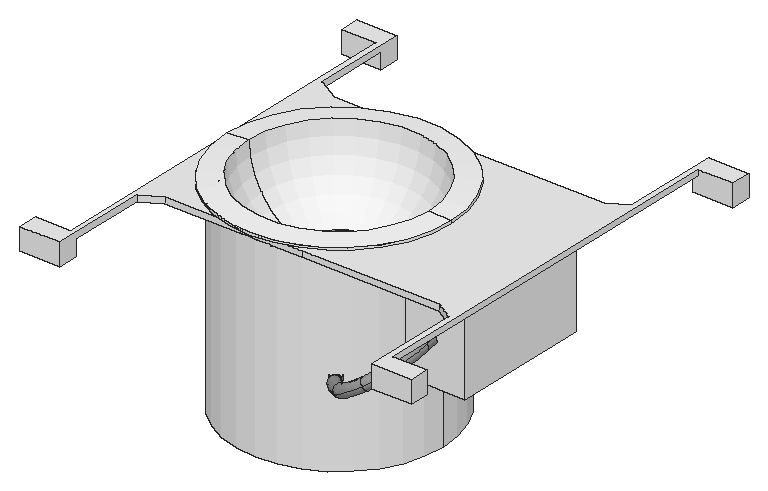
Revit family "LBP6", category Lighting Fixtures, host Face, Revit 2014
Parameters (values of type "LBP6")
  more Photometric Web Link = "https://www.hubbell.com/hubbelllightingci/en/c/LBP6/p/1983155#prod-resources-section"
  Wire = Hubbell - Wire Finish
  Wattage Comments = "10-20W"  # constant formula
  Wattage = 9.2903 W
  Warranty = "5 year Warranty"  # constant formula
  built-in parameter 1150110 = 1 (stored number, unit not read)
  Voltage = if(Is 120V, 120 V, 270 V)  # 120 V
  URL = "http://www.prescolite.com/"
  built-in parameter 1114217 = 1 (stored number, unit not read)
  Tilt Angle = -90.00°
  built-in parameter 1150109 = 1 (stored number, unit not read)
  built-in parameter 1150134 = 3
  built-in parameter 1150113 = 1 (stored number, unit not read)
  Reflector = Hubbell - White
  Product Page URL = "https://www.hubbell.com/hubbelllightingci/en/c/LBP6/p/1983155"
  Product Documentation Link = "https://hubbellcdn.com/specsheet/lbp_led_001.pdf"
  Photometric Web File = "LBP6_6LBP11L30KWH.IES"
  Model = "LBP6"  # constant formula
  Manufacturer = "Prescolite Lighting"  # constant formula
  built-in parameter 1150105 = -862500 (stored number, unit not read)
  Lumens = 1380 lm
  built-in parameter 1150115 = 1 (stored number, unit not read)
  Load Classification = Lighting
  built-in parameter 1150137 = (empty or 0)
  built-in parameter 1150139 = (empty or 0)
  built-in parameter 1150112 = 1 (stored number, unit not read)
  built-in parameter 1150114 = 1 (stored number, unit not read)
  Lamp = "LED Downlight"  # constant formula
  Is 270V = not(Is 120V)  # no
  Is 120V = yes
  built-in parameter 1150132 = (empty or 0)
  built-in parameter 1150102 = (empty or 0)
  built-in parameter 1150107 = 3200 (stored number, unit not read)
  built-in parameter 1150138 = (empty or 0)
  built-in parameter 1150106 = -8625 (stored number, unit not read)
  Glass = Hubbell- Glass Cover
  Emit from Circle Diameter = 6"
  Emit Shape Visible in Rendering = no
  built-in parameter 1150104 = 13.8 (stored number, unit not read)
  Dimming Lamp Color Temperature Shift = <None>
  Description = "LiteBox Plus is an entry level commercial downlight and wall wash targeting distributors and contractors that remain price sensitive to using LEDs for general downlighting applications."  # constant formula
  Default Elevation = 48"
  Copyright = "Copyright ©2017 Prescolite"
  Contact us = "https://www.hubbell.com/hubbelllightingci/en/contactUs?productId=1983155"
  Color Filter = 16777215
  Certifications = ""
  built-in parameter 1114218 = 1 (stored number, unit not read)
  Backbox = Hubbell - Aluminium
  built-in parameter 1150133 = 10 (stored number, unit not read)
  Apparent Load = 0 VA
Reference planes (in)
  plane 1 "Center (Front/Back)": y = 0.0665
  plane 2: z = 0.00107
  plane 3 "Center (Left/Right)": x = 0.20758
  plane 4: x = -5.16742
  plane 5: x = 5.58258
  plane 6: x = -6.54242
  plane 7: x = 6.95758
  plane 8: z = -3.89045
  plane 9: x = -1.3554
  plane 10: x = -3.91742
  plane 11: z = -0.01608
  plane 12: z = -2.71126
  plane 13: z = -6.93643
  plane 14: z = -6.57248
  plane 15: x = -4.7929
  plane 16: x = -4.96271
  plane 17: y = 6.65358
  plane 18: y = -6.52058
  plane 19: y = 7.33279
  plane 20: y = -7.19979
  plane 21: z = -0.76608
  plane 22: x = 4.45653
  plane 23: x = 2.40898
  plane 24: y = 3.004
  plane 25: y = -1.75306
  plane 26: z = 0.27335
Forms (in)
  Extrusion 1, void
    sketch origin (0, 0, 0.06357) x (1, 0, 0) y (0, 1, 0)
      loop
        line (-6.54242, 6.754) -> (-6.54242, -6.621) -> (6.45758, -6.621) -> (6.45758, 6.754) -> (-6.54242, 6.754)
    from -0.07964 to -7
  Extrusion 2, solid, material "Hubbell - Aluminium" <- "Backbox"
    sketch origin (0, -0.5, 0.06357) x (1, 0, 0) y (0, 1, 0)
      loop
        line (2.40898, 3.504) -> (2.40898, -1.25306) -> (4.45653, -1.25306) -> (4.45653, 3.504) -> (2.40898, 3.504)
    from -0.28127 to -3.95402
  Extrusion 3, solid, material "Hubbell - Aluminium" <- "Backbox"
    sketch origin (0, 0.0665, 0) x (1, 0, 0) y (0, 0, 1)
      loop
        line (-5.16742, -0.01608) -> (-5.35003, -0.01608) -> (-5.35003, -0.2177) -> (-5.16742, -0.2177) -> (-5.16742, -0.01608)
    from -6.58708 to 6.58708
  Extrusion 4, solid, material "Hubbell - Aluminium" <- "Backbox"
    sketch origin (0.41516, 0.0665, 0) x (-1, 0, 0) y (0, 0, -1)
      loop
        line (-5.16742, 0.01608) -> (-5.16742, 0.2177) -> (-5.35003, 0.2177) -> (-5.35003, 0.01608) -> (-5.16742, 0.01608)
    from -6.58708 to 6.58708
  Extrusion 5, void
    sketch origin (-0.00411, 5.52403, 0.06357) x (1, 0, 0) y (0, 1, 0)
      loop
        circle (-1.35129, -5.45752) r 3.4375
    from 0 to -0.28244
  Revolve 6, solid, material "Hubbell - Aluminium" <- "Backbox"
    sketch origin (0, 0.0665, 0) x (1, 0, 0) y (0, 0, -1)
      loop
        line (-4.96271, 0.2177) -> (-4.7929, 0.2177) -> (-4.7929, 6.57248) -> (-1.3554, 6.57248) -> (-1.3554, 6.93643) -> (-4.96271, 6.93643) -> (-4.96271, 0.2177)
      axis (-1.3554, 6.93643) -> (-1.3554, 0.2177)
    angle from 0 to 360
  Extrusion 7, solid, material "Hubbell - Aluminium" <- "Backbox"
    sketch origin (0, 0, 0.06357) x (1, 0, 0) y (0, 1, 0)
      loop
        line (-5.16742, 4.0772) -> (-5.16742, -3.871) -> (-4.5179, -3.496) -> (0.20758, -3.496) -> (4.93306, -3.496) -> (5.58258, -3.871) -> (5.58258, 4.004) -> (4.93306, 3.629) -> (0.20758, 3.629) -> (-4.39111, 3.629) -> (-5.16742, 4.0772)
      loop
        circle (-1.3554, 0.0665) r 3.4375
    from -0.07964 to -0.28127
  Sweep 8, solid, material "Hubbell - Wire Finish" <- "Wire"
    path origin (-2.421, 0.58334, -1.72935) x (0.825888, 0.130808, 0.548451) y (-0.156434, 0.987688, 0)
      loop
        arc (0.41221, -3.04746) -> (0.71987, -3.56576) -> (1.04548, -4.07299) r 17.22691
        arc (1.04548, -4.07299) -> (1.50141, -4.67041) -> (2.02956, -5.20506) r 5.9025
        arc (2.02956, -5.20506) -> (2.54806, -5.48482) -> (3.13698, -5.50179) r 1.2758
        arc (3.13698, -5.50179) -> (3.51967, -5.3286) -> (3.79163, -5.00847) r 0.95905
        arc (3.79163, -5.00847) -> (4.00987, -4.40394) -> (4.05639, -3.7629) r 2.35291
        arc (4.05639, -3.7629) -> (4.01877, -3.32851) -> (3.96226, -2.89616) r 10.00282
    profile origin (-1.26866, -2.84436, -1.33454) x (0.62052, 0.63023, 0.466652) y (-0.541698, -0.085797, 0.836183)
      loop
        circle (0, -3.45941) r 0.2
      loop
        circle (0, -3.45941) r 0.18
  Extrusion 9, solid, material "Hubbell - Aluminium" <- "Backbox"
    sketch origin (0, 0, 0.06357) x (1, 0, 0) y (0, 1, 0)
      loop
        line (-5.16742, 6.65358) -> (-5.16742, 7.33279) -> (-6.54242, 7.33279) -> (-6.54242, 6.65358) -> (-5.16742, 6.65358)
      loop
        line (-6.54242, -6.52058) -> (-6.54242, -7.19979) -> (-5.16742, -7.19979) -> (-5.16742, -6.52058) -> (-6.54242, -6.52058)
      loop
        line (5.58258, -6.52058) -> (5.58258, -7.19979) -> (6.95758, -7.19979) -> (6.95758, -6.52058) -> (5.58258, -6.52058)
      loop
        line (5.58258, 7.33279) -> (5.58258, 6.65358) -> (6.95758, 6.65358) -> (6.95758, 7.33279) -> (5.58258, 7.33279)
    from -0.07964 to -0.82964
Cuts and joins
  Extrusion 5 cuts Extrusion 7
  joined: Extrusion 2, Extrusion 3, Extrusion 4, Revolve 6, Extrusion 7, Extrusion 9
Dimensions and locks (in)
  plane 1 "Center (Front/Back)" to Extrusion 5 sketch curve = 0"
  Extrusion 5 sketch curve to plane 9 = 0"
  equal spacing: plane 4, plane 3 "Center (Left/Right)", plane 5, locked at 5.375 each
  locked: plane 6 to plane 4 at 1.375
  locked: plane 5 to plane 7 at 1.375
  plane 2 to plane 13 = 6 15/16"
  locked: plane 14 to plane 13 at 0.36395
  locked: plane 16 to plane 15 at 0.1698
  locked: plane 15 to plane 9 at 3.4375
  locked: plane 19 to plane 17 at 0.67921
  locked: plane 20 to plane 18 at 0.67921
  locked: plane 11 to plane 21 at 0.75
  locked: plane 25 to plane 24 at 4.75706
  locked: plane 23 to plane 22 at 2.04755
  locked: plane 25 to plane 1 "Center (Front/Back)" at 1.81956
  locked: plane 3 "Center (Left/Right)" to plane 23 at 2.2014
  locked: plane 2 to plane 8 at 3.89152
  plane 2 to plane 11 = 0.01714"
  aligned and locked: plane 2 to host face
  aligned and locked: plane 6 to Extrusion 1 sketch curve
  aligned and locked: plane 8 to Extrusion 2
  aligned and locked: plane 5 to Extrusion 4
  aligned and locked: Extrusion 1 to plane 11
  aligned and locked: Extrusion 3 to Extrusion 7
  aligned and locked: Revolve 6 sketch curve to cut or joined group of Extrusion 2, Extrusion 3, Extrusion 4, Extrusion 5, Revolve 6, Extrusion 7, Extrusion 9
  aligned and locked: plane 1 "Center (Front/Back)" to nested 1
  aligned and locked: Revolve 6 sketch curve to plane 13
  aligned and locked: plane 9 to Revolve 6 sketch curve
  aligned and locked: plane 14 to Revolve 6 sketch curve
  aligned and locked: plane 16 to Revolve 6 sketch curve
  aligned and locked: plane 6 to Extrusion 9 sketch curve  (x2)
  aligned and locked: plane 19 to Extrusion 9 sketch curve
  aligned and locked: plane 17 to Extrusion 9 sketch curve  (x2)
  aligned and locked: Extrusion 9 sketch curve to plane 4  (x2)
  aligned and locked: plane 18 to Extrusion 9 sketch curve
  aligned and locked: Extrusion 9 sketch curve to plane 20  (x2)
  aligned and locked: Extrusion 9 sketch curve to cut or joined group of Extrusion 2, Extrusion 3, Extrusion 4, Extrusion 5, Revolve 6, Extrusion 7, Extrusion 9  (x2)
  aligned and locked: plane 7 to Extrusion 9 sketch curve  (x2)
  aligned and locked: Extrusion 9 sketch curve to plane 19
  aligned and locked: Extrusion 9 sketch curve to plane 5
  aligned and locked: Extrusion 9 to plane 11
  aligned and locked: plane 21 to Extrusion 9
  aligned and locked: Extrusion 4 to plane 11
  aligned and locked: plane 22 to Extrusion 2 sketch curve
  aligned and locked: plane 23 to Extrusion 2 sketch curve
  aligned and locked: plane 25 to Extrusion 2 sketch curve
  aligned and locked: Extrusion 2 sketch curve to plane 24
  aligned and locked: Extrusion 2 to Extrusion 3
  aligned and locked: imposter light to plane 26
Automatic sketch dimensions
  host sketch curve to host sketch curve = 96"  (x2)
  plane 7 to Extrusion 1 sketch curve = 1/2"
  Extrusion 3 sketch curve to plane 11 = 0"
  Extrusion 3 sketch curve to plane 4 = 0"
  Extrusion 3 sketch curve to Extrusion 3 sketch curve = 0.18261"
  Extrusion 3 sketch curve to Extrusion 3 sketch curve = 0.20163"
  plane 5 to Extrusion 4 sketch curve = 0"
  Extrusion 4 sketch curve to Extrusion 4 sketch curve = 0.18261"
  Extrusion 4 sketch curve to plane 11 = 0.20163"
  Extrusion 4 sketch curve to plane 11 = 0"
  Sweep 8 sketch curve to Sweep 8 sketch curve = 6.33779"
  Sweep 8 sketch curve to Sweep 8 sketch curve = 0.63326"
  Sweep 8 sketch curve to Sweep 8 sketch curve = 0"  (x7)
  Sweep 8 sketch curve to Sweep 8 sketch curve = 0.66291"
  Sweep 8 sketch curve to Sweep 8 sketch curve = 0.32118"
  Sweep 8 sketch curve to Sweep 8 sketch curve = 1.16988"
  Sweep 8 sketch curve to Sweep 8 sketch curve = 0.06423"
  Sweep 8 sketch curve to Sweep 8 sketch curve = 0.19448"
  Sweep 8 sketch curve to Sweep 8 sketch curve = 0.65465"
  Sweep 8 sketch curve to Sweep 8 sketch curve = 1.084"
  Sweep 8 sketch curve to Sweep 8 sketch curve = 0.09412"
  Sweep 8 sketch curve to Sweep 8 sketch curve = 1.99382"
  Sweep 8 sketch curve to Sweep 8 sketch curve = 9.42139"
  Sweep 8 sketch curve to Sweep 8 sketch curve = 0.29673"
  profile plane to Sweep 8 sketch curve = 0"
  Sweep 8 sketch curve to profile plane = 3.45941"
  plane 1 "Center (Front/Back)" to Extrusion 7 sketch curve = 0"
  Extrusion 7 sketch curve to plane 9 = 0"
  Extrusion 7 sketch curve to plane 3 "Center (Left/Right)" = 0"  (x2)
  Extrusion 7 sketch curve to plane 5 = 0"
  plane 10 to Extrusion 7 sketch curve = 0.60048"
  plane 10 to Extrusion 7 sketch curve = 0.47369"
  plane 5 to Extrusion 7 sketch curve = 0.64952"  (x2)
  plane 9 to Revolve 6 sketch curve = 0"
  plane 12 to Revolve 6 sketch curve = 1.12277"
  Revolve 6 sketch curve to plane 12 = 0.37723"
  plane 15 to Revolve 6 sketch curve = 0"
  Extrusion 7 sketch curve to plane 4 = 0"
  Extrusion 1 sketch curve to plane 1 "Center (Front/Back)" = 6 11/16"
  Extrusion 7 sketch curve to plane 1 "Center (Front/Back)" = 3 9/16"
  Extrusion 7 sketch curve to Extrusion 7 sketch curve = 3/8"  (x3)
  Extrusion 7 sketch curve to Extrusion 7 sketch curve = 0.4482"
  plane 1 "Center (Front/Back)" to Extrusion 1 sketch curve = 6 11/16"
  plane 1 "Center (Front/Back)" to Extrusion 7 sketch curve = 3 9/16"
  radius of Sweep 8 sketch curve = 0.2"
  radius of Sweep 8 sketch curve = 0.18"
  radius of Extrusion 7 sketch curve = 3 7/16"
  radius of Extrusion 5 sketch curve = 3 7/16"
Nested families (in)
  nested 1: "Trim" at (-1.3554, 0.0665, 0.06357), type "Trim"
Connectors (in)
  electrical at (-1.3554, 0.0665, -6.93643), driven by "Voltage", driven by "Apparent Load", driven by "Description", driven by "Load Classification"
    settings: on cut or joined group of Extrusion 2, Extrusion 3, Extrusion 4, Extrusion 5, Revolve 6, Extrusion 7, Extrusion 9, index 1, voltage 120 V, apparent load 0 VA, apparent load phase1 0 VA, apparent load phase2 0 VA, apparent load phase3 0 VA, power factor 1, load classification "Lighting", number of poles 1, system type 30, power factor state 1, is connector primary yes, connector utility no, sub classification motor no, connector description "LiteBox Plus is an entry level commercial downlight and wall wash targeting distributors and contractors that remain price sensitive to using LEDs for general downlighting applications."
Definition of nested family "Trim"
  Parameters (values of type "Trim")
    Reflector = Hubbell - White
    Glass = Hubbell- Glass Cover
  Reference planes (in)
    plane 1 "Center (Front/Back)": y = 0
    plane 2: z = 0
    plane 3 "Center (Left/Right)": x = 0
    plane 4: x = -3.875
  Forms (in)
    Revolve 1, solid, material "Hubbell - White"
      sketch origin (0, 0, 0) x (1, 0, 0) y (0, 0, 1)
        loop
          line (-3.27247, -2.51794) -> (-1.5, -2.51794) -> (-1.5, -2.39294)
          arc (-1.5, -2.39294) -> (-2.68126, -1.35941) -> (-3.12104, 0.14728) r 2.80082
          arc (-3.12104, 0.14728) -> (-3.49953, 0.12588) -> (-3.875, 0.07364) r 4.63741
          line (-3.875, 0.07364) -> (-3.875, 0) -> (-3.27247, 0) -> (-3.27247, -2.51794)
        axis (0, -2.51794) -> (0, 0.14728)
      angle from 0 to 360
    Extrusion 2, solid, material "Hubbell- Glass Cover" <- "Glass"
      sketch origin (0, 0, 0) x (1, 0, 0) y (0, 1, 0)
        loop
          circle (0, 0) r 1.5
      from -2.51794 to -2.39294
  Dimensions and locks (in)
    plane 3 "Center (Left/Right)" to plane 4 = 3 7/8"
    aligned and locked: plane 2 to level
    aligned and locked: plane 3 "Center (Left/Right)" to Revolve 1 sketch curve
